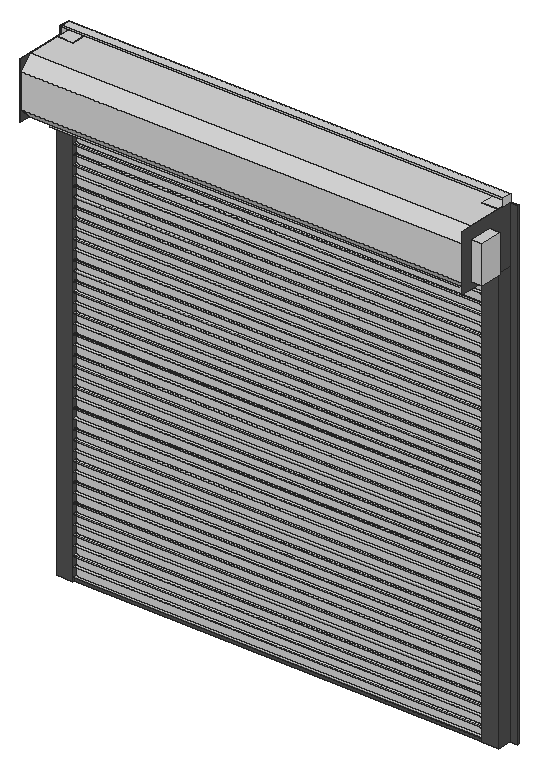
Revit family "Door_Overhead-Coiling-Fire_CHI_7300-Series-Manual", category Doors, host Wall, Revit 2026 (continued)
Definition of nested family "7300Series"
  Dimensions and locks (in)
    aligned and locked: plane 12 to Extrusion 4 sketch curve
    aligned and locked: Extrusion 4 to plane 17
    aligned and locked: plane 16 to Extrusion 4
    aligned and locked: Extrusion 5 sketch curve to plane 5 "Back"
    aligned and locked: plane 4 "Front" to Extrusion 5 sketch curve
    aligned and locked: plane 13 to Extrusion 5 sketch curve
    aligned and locked: Extrusion 5 sketch curve to plane 12
    aligned and locked: Extrusion 5 to plane 14
    aligned and locked: plane 7 "Right" to Extrusion 6
    aligned and locked: Extrusion 6 to plane 6 "Left"
    aligned and locked: Extrusion 5 to plane 16
    aligned and locked: plane 15 to Extrusion 7
    aligned and locked: plane 17 to Extrusion 7
    aligned and locked: plane 12 to Extrusion 7 sketch curve
    aligned and locked: Extrusion 7 sketch curve to plane 13
    aligned and locked: Extrusion 7 sketch curve to plane 5 "Back"
    aligned and locked: plane 4 "Front" to Extrusion 7 sketch curve
    aligned and locked: plane 4 "Front" to Extrusion 8 sketch curve
    aligned and locked: Extrusion 8 sketch curve to plane 13
    aligned and locked: plane 12 to Extrusion 8 sketch curve
    aligned and locked: plane 5 "Back" to Extrusion 8 sketch curve
    aligned and locked: Extrusion 8 to plane 17
    aligned and locked: plane 16 to Extrusion 8
    aligned and locked: Extrusion 46 to plane 6 "Left"
    aligned and locked: plane 7 "Right" to Extrusion 46
    aligned and locked: plane 7 "Right" to Extrusion 48
    aligned and locked: Extrusion 48 to plane 6 "Left"
    aligned and locked: plane 6 "Left" to Extrusion 49
    aligned and locked: Extrusion 49 to plane 9
    aligned and locked: plane 4 "Front" to curve 3
    aligned and locked: Extrusion 91 sketch curve to plane 5 "Back"
    aligned and locked: plane 7 "Right" to Sweep 50
    aligned and locked: plane 7 "Right" to Sweep 51
    aligned and locked: plane 7 "Right" to Sweep 9
    aligned and locked: plane 7 "Right" to Sweep 10
    aligned and locked: Extrusion 91 to plane 12
  Automatic sketch dimensions
    Extrusion 2 sketch curve to plane 5 "Back" = 0' - 0"
    Extrusion 2 sketch curve to plane 7 "Right" = 0' - 0"
    Extrusion 4 sketch curve to Extrusion 4 sketch curve = 0' - 2 3/8"
    Extrusion 4 sketch curve to Extrusion 4 sketch curve = 0' - 0 1/16"
    Extrusion 6 sketch curve to plane 13 = 0' - 0"
    plane 8 "Top" to Extrusion 6 sketch curve = 0' - 1"
    plane 1 "Center (Front/Back)" to Extrusion 6 sketch curve = 0' - 3 1/2"
    Extrusion 6 sketch curve to Extrusion 6 sketch curve = 0' - 0 1/16"  (x3)
    plane 8 "Top" to Extrusion 6 sketch curve = 0' - 0 9/16"
    Extrusion 6 sketch curve to Extrusion 6 sketch curve = 0' - 1 3/8"
    plane 4 "Front" to Extrusion 8 sketch curve = 0' - 3"  (x2)
    plane 13 to Extrusion 8 sketch curve = 0' - 3"
    Extrusion 8 sketch curve to plane 12 = 0' - 3"
    Extrusion 46 sketch curve to level = 0' - 0"
    plane 13 to Extrusion 47 sketch curve = 0' - 2"
    Extrusion 47 sketch curve to plane 12 = 0' - 3"
    level to Extrusion 46 sketch curve = 0' - 0.75244"
    Extrusion 46 sketch curve to Extrusion 46 sketch curve = 0' - 0.14579"
    level to Extrusion 48 sketch curve = 0' - 0.89822"
    level to Extrusion 48 sketch curve = 0' - 0.75244"
    Extrusion 91 sketch curve to plane 6 "Left" = 0' - 0"
    Extrusion 91 sketch curve to plane 5 "Back" = 0' - 0"
    Extrusion 91 sketch curve to plane 7 "Right" = 0' - 0"
    curve 3 to plane 14 = 0' - 0"
    curve 3 to plane 15 = 0' - 0"
    curve 2 to plane 1 "Center (Front/Back)" = 0' - 4"
    curve 1 to plane 1 "Center (Front/Back)" = 0' - 4"
    radius of Extrusion 49 sketch curve = 0' - 3 1/4"
